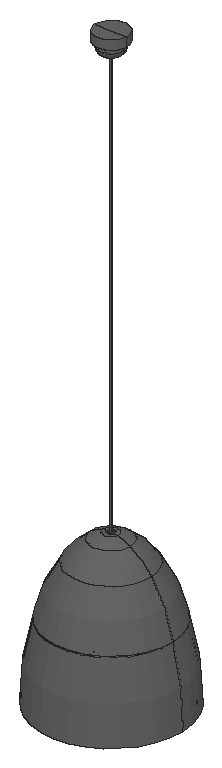
Revit family "OSGG(24,30,36) LED", category Lighting Fixtures, Revit 2020
Family settings
  Round Connector Dimension = Use Diameter
  Part Type = Normal
  OmniClass Number = 23.80.70.00
  OmniClass Title = Lighting
  Work Plane-Based = No
  Always vertical = Yes
  Cut with Voids When Loaded = No
  Light Source = Yes
  Shared = No
  Room Calculation Point = No
Parameters (values of type "OSGG 24")
  Weight = "21.5 lbs"
  Wattage Comments = "24W"
  Wattage = 2.4 W
  Warranty = "5 year limited warranty"  # constant formula
  built-in parameter 1150110 = 1 (stored number, unit not read)
  Voltage = 277 V
  URL = "https://www.anplighting.com/assets/Uploads/product-attachments/specification-sheets/ANP-Specification-Sheet-RLM-LED-OSGG24.pdf"
  built-in parameter 1114217 = 1 (stored number, unit not read)
  Tilt Angle = 90.00°
  built-in parameter 1150109 = 1 (stored number, unit not read)
  built-in parameter 1150134 = 12
  built-in parameter 1150113 = 1 (stored number, unit not read)
  OSGG36 = no
  OSGG30 = no
  OSGG24 = yes
  Mounting Option [instance] = 1
  Power Factor = 1
  Post Mount [instance] = Mounting Option = 5  # no
  Placement X axis side [instance] = if(Post Mount, 2' 2 15/32", if(Cord or Stem Mount, 0' 0", if(E36 20 inch, 1' 8 1/4", if(E 6 26 inch, 2' 2", if(E7 41 inch, 3' 5 1/4", 0' 1")))))  # 0' - 0"
  Photometric Web File = "OSGG36M037LDDW35K.ies"
  Model = "OSGG 24"
  Manufacturer = "ANP Lighting"  # constant formula
  built-in parameter 1150105 = 238.73 (stored number, unit not read)
  Lumens = 3000 lm
  built-in parameter 1150115 = 1 (stored number, unit not read)
  Load Classification = Lighting
  Light Source Height [instance] = if(OSGG24, 1' 3", if(OSGG30, 1' 9", if(OSGG36, 1' 10", 1' 3")))  # 1' - 3"
  built-in parameter 1150137 = (empty or 0)
  built-in parameter 1150139 = (empty or 0)
  Light Elevation _2 [instance] = if(Post Mount, 0' 0.66142", if(E7 41 inch, 0' 0.66142", if(E36 20 inch, 0' 1.65748", if(E 6 26 inch, 0' 1.53543", if(Cord or Stem Mount, (0' 4.3622" + Cord Length), 0' 0")))))  # 6' - 4.3622"
  Light Elevation _1 [instance] = if(Post Mount, 0' 0", if(E7 41 inch, 0' 0", if(E36 20 inch, 0' 1", if(E 6 26 inch, 0' 0.87402", if(Cord or Stem Mount, (0' 3.66142" + Cord Length), 0' 0")))))  # 6' - 3.66142"
  Light Elevation [instance] = if(Post Mount, 14' 0.5315", if(E7 41 inch, 0' 0", 0' 0"))  # 0' - 0"
  Life = "L70 50,000 hours"  # constant formula
  built-in parameter 1150112 = 1 (stored number, unit not read)
  built-in parameter 1150114 = 1 (stored number, unit not read)
  Lamp = "LED"
  Inside body material = INSIDE BODY
  built-in parameter 1150132 = 2
  built-in parameter 1150102 = (empty or 0)
  built-in parameter 1150107 = 4000 (stored number, unit not read)
  built-in parameter 1150138 = (empty or 0)
  built-in parameter 1150106 = 2.3873 (stored number, unit not read)
  Fixture Height = 2' - 2"
  Fixture Diameter = 2' - 0"
  Efficiency = "65-125 lumens per watt"  # constant formula
  built-in parameter 1150104 = 116.13 (stored number, unit not read)
  E7 41 inch [instance] = Mounting Option = 4  # no
  E36 20 inch [instance] = Mounting Option = 3  # no
  E 6 26 inch [instance] = Mounting Option = 2  # no
  Dimming Lamp Color Temperature Shift = <None>
  Dimming = "1%"  # constant formula
  Description = "120-277 Voltage"  # constant formula
  Default Elevation = 0' - 0"
  Cord or Stem Mount [instance] = Mounting Option = 1  # yes
  Cord Length option [instance] = 0
  Cord Length [instance] = if([2' Cord], 2' 0", if([4' Cord], 4' 0", if([8' Cord], 8' 0", if([10' Cord], 10' 0", if([6' Cord], 6' 0", 6' 0")))))  # 6' - 0"
  Construction Material = "Heavy Duty spun aluminum."  # constant formula
  Color Filter = 16777215
  CRI = ">90"  # constant formula
  Bulb = Bulb
  Body Material = body
  Body Colour = "Spun aluminium"  # constant formula
  built-in parameter 1114218 = 1 (stored number, unit not read)
  built-in parameter 1150133 = 10 (stored number, unit not read)
  Apparent Load = 24 VA
  8' Cord [instance] = Cord Length option = 8  # no
  6' Cord [instance] = Cord Length option = 6  # no
  4' Cord [instance] = Cord Length option = 4  # no
  2' Cord [instance] = Cord Length option = 2  # no
  10' Cord [instance] = Cord Length option = 10  # no
Types (4): name | Weight | Wattage Comments | Wattage | URL | built-in parameter 1150134 | OSGG36 | OSGG30 | OSGG24 | Model | built-in parameter 1150105 | Lumens | Light Source Height | built-in parameter 1150107 | built-in parameter 1150106 | Fixture Height | Fixture Diameter | Apparent Load
  (no name) | "21.5 lbs" | "24W" | 2.4 W | "https://www.anplighting.com/assets/Uploads/product-attachments/specification-sheets/ANP-Specification-Sheet-RLM-LED-OSGG24.pdf" | 12 | no | no | yes | "OSGG 24" | 238.73 (stored number, unit not read) | 3000 lm | 1' - 3" | 4000 (stored number, unit not read) | 2.3873 (stored number, unit not read) | 2' - 2" | 2' - 0" | 24 VA
  OSGG 24 | "21.5 lbs" | "24W" | 2.4 W | "https://www.anplighting.com/assets/Uploads/product-attachments/specification-sheets/ANP-Specification-Sheet-RLM-LED-OSGG24.pdf" | 12 | no | no | yes | "OSGG 24" | 238.73 (stored number, unit not read) | 3000 lm | 1' - 3" | 4000 (stored number, unit not read) | 2.3873 (stored number, unit not read) | 2' - 2" | 2' - 0" | 24 VA
  OSGG 30 | "33 lbs" | "24W" | 2.4 W | "https://www.anplighting.com/assets/Uploads/product-attachments/specification-sheets/ANP-Specification-Sheet-RLM-LED-OSGG30.pdf" | 12 | no | yes | no | "OSGG 30" | 238.73 (stored number, unit not read) | 3000 lm | 1' - 9" | 4000 (stored number, unit not read) | 2.3873 (stored number, unit not read) | 3' - 0" | 2' - 6" | 24 VA
  OSGG 36 | "43.5 lbs" | "37W" | 3.2 W | "https://www.anplighting.com/assets/Uploads/product-attachments/specification-sheets/ANP-Specification-Sheet-RLM-LED-OSGG36.pdf" | (empty or 0) | yes | no | no | "OSGG 36" | 318.31 (stored number, unit not read) | 4000 lm | 1' - 10" | 3500 (stored number, unit not read) | 3.1831 (stored number, unit not read) | 3' - 4" | 3' - 0" | 37 VA
Reference planes (in)
  plane 1 "Light Source Axis (F/B)": y = 0
  plane 2: z = 0
  plane 3 "Light Source Axis (L/R)": x = 0
  plane 4 "Light Source Elevation": z = 0
  plane 5: z = 0
  plane 6: x = 0
  plane 7 "Bulb Position": z = -76.3622
  plane 8 "Canopy Position": z = -75.66142
  plane 9 "IES": z = -91.3622
Dimensions and locks (in)
  "Light Elevation": plane 5 to plane 2
  "Placement X axis side": plane 6 to plane 3 "Light Source Axis (L/R)"
  "Light Elevation _2": plane 5 to plane 7 "Bulb Position"
  "Light Elevation _1": plane 5 to plane 8 "Canopy Position"
  "Light Source Height": plane 7 "Bulb Position" to plane 9 "IES"
  locked: plane 4 "Light Source Elevation" to plane 2
  aligned and locked: level to plane 2
  aligned and locked: plane 1 "Light Source Axis (F/B)" to nested 5
  aligned and locked: nested 5 to plane 2
  aligned and locked: nested 1 to plane 3 "Light Source Axis (L/R)"
  aligned and locked: plane 3 "Light Source Axis (L/R)" to nested 2
  aligned and locked: plane 3 "Light Source Axis (L/R)" to nested 4
  aligned and locked: nested 3 to plane 5
  aligned and locked: plane 3 "Light Source Axis (L/R)" to nested 3
  aligned and locked: plane 3 "Light Source Axis (L/R)" to nested 5
  aligned and locked: plane 1 "Light Source Axis (F/B)" to nested 2
  aligned and locked: plane 1 "Light Source Axis (F/B)" to nested 1
  aligned and locked: plane 1 "Light Source Axis (F/B)" to nested 4
  aligned and locked: plane 1 "Light Source Axis (F/B)" to nested 3
  aligned and locked: plane 1 "Light Source Axis (F/B)" to nested 6
  aligned and locked: plane 6 to nested 6
  aligned and locked: plane 2 to nested 1
  aligned and locked: plane 2 to nested 2
  aligned and locked: nested 4 to plane 2
  aligned and locked: imposter light to plane 9 "IES"
  aligned and locked: imposter light to plane 6
  aligned and locked: nested 6 to plane 8 "Canopy Position"
  aligned and locked: nested 7 to plane 8 "Canopy Position"
  aligned and locked: nested 7 to plane 6
  aligned and locked: nested 8 to plane 8 "Canopy Position"
  aligned and locked: nested 8 to plane 6
Nested families (in)
  nested 1: "CORD OR STEM MOUNT" at (0, 0, -75.67), visible <- "Cord or Stem Mount", Cord or Stem Mount <- "Cord or Stem Mount", Body Material <- "Body Material", Light Elevation <- "Light Elevation", Cord Length <- "Cord Length", 10' Cord <- "10' Cord", 2' Cord <- "2' Cord", 4' Cord <- "4' Cord", 6' Cord <- "6' Cord", 8' Cord <- "8' Cord", type "CORD OR STEM MOUNT"
    with Light Elevation 0' - 0", Cord or Stem Mount yes, Cord Length 6' - 0", Body Material body, 8' Cord no, 6' Cord no, 4' Cord no, 2' Cord no, 10' Cord no
  nested 2: "E6 26 INCH" at (0, 0, 0), visible <- "E 6 26 inch", Chain Length <- "Cord Length", E 6 26 inch <- "E 6 26 inch", Placement X axis side <- "Placement X axis side", Body Material <- "Body Material", Light Elevation <- "Light Elevation", type "E6 26 INCH"
    with Placement X axis side 0' - 0", Light Elevation 0' - 0", E 6 26 inch no, Chain Length 6' - 0", Body Material body
  nested 3: "E7 41 INCH" at (0, 0, 0), Chain Length <- "Cord Length", visible <- "E7 41 inch", E7 41 inch <- "E7 41 inch", Placement X axis side <- "Placement X axis side", Body Material <- "Body Material", Light Elevation <- "Light Elevation", type "E7 41 INCH"
    with Placement X axis side 0' - 0", Light Elevation 0' - 0", E7 41 inch no, Chain Length 6' - 0", Body Material body
  nested 4: "E36 20 INCH" at (0, 0, 0), visible <- "E36 20 inch", E36 20 inch <- "E36 20 inch", Placement X axis side <- "Placement X axis side", Chain Length <- "Cord Length", Body Material <- "Body Material", Light Elevation <- "Light Elevation", type "E36 20 INCH"
    with Placement X axis side 0' - 0", Light Elevation 0' - 0", E36 20 inch no, Chain Length 6' - 0", Body Material body
  nested 5: "POST MOUNT" at (0, 0, 0), visible <- "Post Mount", Post Mount <- "Post Mount", Placement X axis side <- "Placement X axis side", Chain Length <- "Cord Length", Body Material <- "Body Material", Light Elevation <- "Light Elevation", type "POST MOUNT"
    with Post Mount no, Placement X axis side 0' - 0", Light Elevation 0' - 0", Chain Length 6' - 0", Body Material body
  nested 6: "OSGG 24 LED" at (0, 0, -75.66142), Light Elevation <- "Light Elevation", Body <- "Body Material", visible <- "OSGG24", OSGG24 <- "OSGG24", Inside <- "Inside body material", type "OSGG 24 LED"
    with OSGG24 yes, Light Elevation 0' - 0", Inside INSIDE BODY, Body body
  nested 7: "OSGG 30 LED" at (0, 0, -75.66142), Light Elevation <- "Light Elevation", Body <- "Body Material", visible <- "OSGG30", Bulb <- "Bulb", OSGG30 <- "OSGG30", Inside Material <- "Inside body material", type "OSGG 30 LED"
    with OSGG30 no, Light Elevation 0' - 0", Inside Material INSIDE BODY, Bulb Bulb, Body body
  nested 8: "OSGG 36 LED" at (0, 0, -75.66142), Light Elevation <- "Light Elevation", Body <- "Body Material", visible <- "OSGG36", type "OSGG 36 LED"
    with Light Elevation 0' - 0", Body body, OSGG36 no
Definition of nested family "CORD OR STEM MOUNT"
  Parameters (values of type "CORD OR STEM MOUNT")
    URL = ""
    Model = ""
    Manufacturer = ""
    Light Elevation [instance] = 1' - 7.69"
    Default Elevation = 0' - 0"
    Cord or Stem Mount [instance] = yes
    Cord Length [instance] = 6' - 0"
    Body Material [instance] = none
    8' Cord [instance] = no
    6' Cord [instance] = no
    4' Cord [instance] = no
    2' Cord [instance] = no
    10' Cord [instance] = no
  Reference planes (in)
    plane 1 "Light Source Axis (F/B)": y = 0
    plane 2: z = 0
    plane 3 "Light Source Axis (L/R)": x = 0
    plane 4 "Light Source Elevation": z = 23.125
    plane 5: z = 91.69
    plane 6: z = 19.69
  Forms (in)
    Extrusion 1, void, not visible
      sketch origin (0, 0, 2.38154) x (1, 0, 0) y (0, 0, 1)
        loop
          circle (0, 4.59925) r 0.16583
      from 1.18594 to 1.75
    Extrusion 2, void, not visible
      sketch origin (0, 0, 2.38154) x (0.707107, -0.707107, 0) y (0, 0, 1)
        loop
          circle (0, 4.59925) r 0.16583
      from 1.18594 to 1.75
    Extrusion 3, void, not visible
      sketch origin (0, 0, 2.38154) x (0.707107, 0.707107, 0) y (0, 0, 1)
        loop
          circle (0, 4.59925) r 0.16583
      from 1.18594 to 1.75
    Extrusion 4, void, not visible
      sketch origin (0, 0, 2.38154) x (0, 1, 0) y (0, 0, 1)
        loop
          circle (0, 4.59925) r 0.16583
      from 1.18594 to 1.75
    Extrusion 5, void, not visible
      sketch origin (0, 0, 2.38154) x (-0.707107, 0.707107, 0) y (0, 0, 1)
        loop
          circle (0, 4.59925) r 0.16583
      from 1.18594 to 1.75
    Extrusion 6, void, not visible
      sketch origin (0, 0, 2.38154) x (-1, 0, 0) y (0, 0, 1)
        loop
          circle (0, 4.59925) r 0.20678
      from 1.18594 to 1.75
    Extrusion 7, void, not visible
      sketch origin (0, 0, 2.38154) x (-0.707107, -0.707107, 0) y (0, 0, 1)
        loop
          circle (0, 4.59925) r 0.16583
      from 1.18594 to 1.75
    Extrusion 8, void, not visible
      sketch origin (0, 0, 2.38154) x (0, -1, 0) y (0, 0, 1)
        loop
          circle (0, 4.59925) r 0.16583
      from 1.18594 to 1.75
    Revolve 9, solid, material <- "Body Material", visible <- "Cord or Stem Mount"
      sketch origin (0, 0, 174.56698) x (1, 0, 0) y (0, 0, 1)
        loop
          line (2.6875, -79.20698) -> (0, -79.20698) -> (0, -82.87698) -> (0.125, -82.87698) -> (0.125, -82.83698) -> (0.75, -82.83698)
          arc (0.75, -82.83698) -> (0.81694, -82.77004) -> (0.75, -82.7031) r 0.06694
          line (0.75, -82.7031) -> (0.89763, -82.7031) -> (1.00223, -82.5985) -> (1.06587, -82.5985)
          arc (1.06587, -82.5985) -> (1.80099, -82.29401) -> (2.10549, -81.55888) r 1.03962
          line (2.10549, -81.55888) -> (2.10549, -81.03899)
          arc (2.10549, -81.03899) -> (2.12951, -80.981) -> (2.1875, -80.95698) r 0.08201
          line (2.1875, -80.95698) -> (2.1875, -80.70698) -> (2.6875, -80.70698) -> (2.6875, -79.20698)
        axis (0, -79.20698) -> (0, -82.87698)
      angle from 0 to 360
    Revolve 10, solid, material <- "Body Material", visible <- "Cord or Stem Mount"
      sketch origin (0, 0, 0) x (1, 0, 0) y (0, 0, 1)
        loop
          line (0, 91.69) -> (-0.125, 91.69) -> (-0.125, 19.69) -> (0, 19.69) -> (0, 91.69)
        axis (0, 19.69) -> (0, 91.69)
      angle from 0 to 360
  Dimensions and locks (in)
    "Light Elevation": plane 6 to plane 2
    "Cord Length": plane 5 to plane 6
    locked: Revolve 10 sketch curve to Revolve 10 sketch curve at 0.125
    aligned and locked: level to plane 2
    aligned and locked: Revolve 10 sketch curve to plane 3 "Light Source Axis (L/R)"
    aligned and locked: Revolve 10 sketch curve to plane 6
    aligned and locked: Revolve 10 sketch curve to plane 5
    aligned and locked: plane 3 "Light Source Axis (L/R)" to Revolve 10 sketch curve
  Automatic sketch dimensions
    Revolve 9 sketch curve to plane 3 "Light Source Axis (L/R)" = 0' - 0"  (x2)
    Revolve 9 sketch curve to plane 5 = 0' - 0"
    plane 3 "Light Source Axis (L/R)" to Revolve 9 sketch curve = 0' - 0 1/8"
    Revolve 9 sketch curve to plane 5 = 0' - 0.17388"
    Revolve 9 sketch curve to Revolve 9 sketch curve = 0' - 0 5/8"
    Revolve 9 sketch curve to Revolve 9 sketch curve = 0' - 0.14763"
    Revolve 9 sketch curve to plane 5 = 0' - 0.27847"
    Revolve 9 sketch curve to Revolve 9 sketch curve = 0' - 0.1046"
    Revolve 9 sketch curve to Revolve 9 sketch curve = 0' - 0.06364"
    Revolve 9 sketch curve to Revolve 9 sketch curve = 0' - 1.03962"
    Revolve 9 sketch curve to Revolve 9 sketch curve = 0' - 0 21/256"
    Revolve 9 sketch curve to Revolve 9 sketch curve = 0' - 0 1/2"  (x2)
    Revolve 9 sketch curve to Revolve 9 sketch curve = 0' - 0.51989"
    Revolve 9 sketch curve to Revolve 9 sketch curve = 0' - 0 1/4"
    Revolve 9 sketch curve to Revolve 9 sketch curve = 0' - 2.3519"
    Revolve 9 sketch curve to Revolve 9 sketch curve = 0' - 1 1/4"
    Revolve 9 sketch curve to Revolve 9 sketch curve = 0' - 0.04"
    Revolve 10 sketch curve to Revolve 10 sketch curve = 0' - 0 1/2"
    Revolve 10 sketch curve to Revolve 10 sketch curve = 0' - 0.42345"
Definition of nested family "OSGG 24 LED"
  Parameters (values of type "OSGG 24 LED")
    OSGG24 [instance] = yes
    Light Elevation [instance] = 0' - 0"
    Inside [instance] = none
    Default Elevation = 0' - 0"
    Bulb = none
    Body [instance] = none
  Reference planes (in)
    plane 1 "Center (Front/Back)": y = 0
    plane 2: z = 0
    plane 3 "Center (Left/Right)": x = 0
    plane 4: z = 0
  Dimensions and locks (in)
    "Light Elevation": plane 4 to plane 2
    locked: plane 4 to nested 2 at 12.90668
    aligned and locked: plane 2 to level
    aligned and locked: plane 3 "Center (Left/Right)" to nested 1
    aligned and locked: plane 1 "Center (Front/Back)" to nested 1
    aligned and locked: plane 4 to nested 1
  Nested families (in)
    nested 1: "Family6" at (0, 0, -25.84727), visible <- "OSGG24", Body <- "Body", OSGG24 <- "OSGG24", type "Family6"
      with OSGG24 yes, Body none
    nested 2: "Bulb" at (0, 0, -10.88103), visible <- "OSGG24", type "Bulb"
  Definition of nested family "Family6"
    Parameters (values of type "Family6")
      OSGG24 [instance] = yes
      Inside = none
      Default Elevation = 0' - 0"
      Body [instance] = none
    Reference planes (in)
      plane 1 "Center (Front/Back)": y = 0
      plane 2: z = 0
      plane 3 "Center (Left/Right)": x = 0
    Forms (in)
      Revolve 1, solid, material <- "Body", visible <- "OSGG24"
        sketch origin (0, 0, 0) x (1, 0, 0) y (0, 0, 1)
          loop
            arc (6.76836, 21.48215) -> (5.23025, 23.35827) -> (3.35412, 24.89638) r 12.31222
            arc (3.35412, 24.89638) -> (2.37066, 25.44931) -> (1.31493, 25.84727) r 7.44433
            line (1.31493, 25.84727) -> (0.65747, 25.84727) -> (0.65747, 25.75352) -> (1.30145, 25.75352)
            arc (1.30145, 25.75352) -> (2.33711, 25.36152) -> (3.30212, 24.81838) r 7.35058
            arc (3.30212, 24.81838) -> (5.16396, 23.29198) -> (6.69036, 21.43014) r 12.21847
            arc (6.69036, 21.43014) -> (8.86909, 17.35698) -> (10.22296, 12.94059) r 23.88272
            line (10.22296, 12.94059) -> (10.31862, 12.94059)
            arc (10.31862, 12.94059) -> (8.95931, 17.3842) -> (6.76836, 21.48215) r 23.97647
          axis (0, 25.84727) -> (0, 12.94059)
        angle from 0 to 360
      Revolve 2, solid, material <- "Body", visible <- "OSGG24"
        sketch origin (0, 0, 0) x (1, 0, 0) y (0, 0, 1)
          loop
            arc (10.36202, 12.81253) -> (10.30887, 12.89675) -> (10.21854, 12.93867) r 0.1761
            arc (10.21854, 12.93867) -> (10.16457, 12.96453) -> (10.13454, 13.01628) r 0.10157
            line (10.13454, 13.01628) -> (10.04477, 13.40508) -> (9.95343, 13.38399) -> (10.04319, 12.99519)
            arc (10.04319, 12.99519) -> (10.10096, 12.89567) -> (10.20473, 12.84594) r 0.19532
            arc (10.20473, 12.84594) -> (10.24697, 12.82634) -> (10.27182, 12.78696) r 0.08235
            arc (10.27182, 12.78696) -> (11.56674, 6.45454) -> (11.90623, 0) r 43.37224
            line (11.90623, 0) -> (12, 0)
            arc (12, 0) -> (11.6596, 6.46745) -> (10.36202, 12.81253) r 43.46599
          axis (0, 13.40508) -> (0, 0)
        angle from 0 to 360
      Revolve 3, solid, material <- "Body"
        sketch origin (0, 0, 0) x (1, 0, 0) y (0, 0, 1)
          loop
            line (0, 13.38399) -> (-9.95343, 13.38399) -> (-10.06374, 12.94059) -> (0, 12.94059) -> (0, 13.38399)
          axis (0, 12.94059) -> (0, 13.38399)
        angle from 0 to 360
      Revolve 4, solid, material <- "Inside", visible <- "OSGG24"
        sketch origin (0.09344, 0, 0) x (1, 0, 0) y (0, 0, 1)
          loop
            arc (10.09639, 12.81253) -> (10.04325, 12.89675) -> (9.95291, 12.93867) r 0.1761
            arc (9.95291, 12.93867) -> (9.89895, 12.96453) -> (9.86891, 13.01628) r 0.10157
            line (9.86891, 13.01628) -> (9.78271, 13.38967) -> (9.7507, 13.38228) -> (9.84006, 12.99519)
            arc (9.84006, 12.99519) -> (9.89783, 12.89567) -> (10.00161, 12.84594) r 0.19532
            arc (10.00161, 12.84594) -> (10.04385, 12.82634) -> (10.0687, 12.78696) r 0.08235
            arc (10.0687, 12.78696) -> (11.36362, 6.45454) -> (11.7031, 0) r 43.37224
            line (11.7031, 0) -> (11.73438, 0)
            arc (11.73438, 0) -> (11.39398, 6.46745) -> (10.09639, 12.81253) r 43.46599
          axis (-0.09344, 13.38967) -> (-0.09344, 0)
        angle from 0 to 360
    Dimensions and locks (in)
      aligned and locked: plane 2 to level
  Definition of nested family "Bulb"
    Parameters
      Default Elevation = 0' - 0"
      BULB = none
    Reference planes (in)
      plane 1 "Center (Front/Back)": y = 0
      plane 2: z = 0
      plane 3 "Center (Left/Right)": x = 0
    Forms (in)
      Revolve 1, solid, material <- "BULB"
        sketch origin (0.00446, 0, 0.00567) x (1, 0, 0) y (0, 0, 1)
          loop
            arc (-1.22244, -3.28132) -> (-0.86108, -4.13031) -> (0, -4.46182) r 1.18347
            line (0, -4.46182) -> (0, -3.28132) -> (-1.22244, -3.28132)
          axis (0, -4.46182) -> (0, -3.28132)
        angle from 0 to 360
      Revolve 2, solid, material <- "BULB"
        sketch origin (0, 0, 0) x (1, 0, 0) y (0, 0, 1)
          loop
            line (0.00225, -3.02565) -> (0.00225, -3.27565) -> (1.76788, -3.27565) -> (1.76788, -3.02565) -> (0.00225, -3.02565)
          axis (0.00225, -3.02565) -> (0.00225, -3.27565)
        angle from 0 to 360
      Revolve 3, solid, material <- "BULB"
        sketch origin (0, 0, 0) x (1, 0, 0) y (0, 0, 1)
          loop
            line (1.3513, -2.02565) -> (0, -2.02565) -> (0, -3.02565) -> (1.47103, -3.02565) -> (1.39254, -2.98286) -> (1.39254, -2.056) -> (1.3513, -2.02565)
          axis (0, -3.02565) -> (0, -2.02565)
        angle from 0 to 360
    Dimensions and locks (in)
      aligned and locked: plane 2 to level
Definition of nested family "E6 26 INCH"
  Parameters (values of type "E6 26 INCH")
    URL = ""
    Placement X axis side [instance] = 2' - 2"
    Model = ""
    Manufacturer = ""
    Light Elevation [instance] = 8' - 4"
    E 6 26 inch [instance] = yes
    Default Elevation = 0' - 0"
    Chain Length [instance] = 0' - 0"
    Body Material [instance] = none
  Reference planes (in)
    plane 1 "Light Source Axis (F/B)": y = 0
    plane 2: z = 0
    plane 3 "Light Source Axis (L/R)": x = 0
    plane 4 "Light Source Elevation": z = 23.125
    plane 5: z = 100
    plane 6: x = -26
    plane 7: z = 99.125
    plane 8: x = -24.12
    plane 9: x = -25.5474
  Forms (in)
    Extrusion 1, void, not visible
      sketch origin (0, 0, 2.38154) x (1, 0, 0) y (0, 0, 1)
        loop
          circle (0, 4.59925) r 0.16583
      from 1.18594 to 1.75
    Extrusion 2, void, not visible
      sketch origin (0, 0, 2.38154) x (0.707107, -0.707107, 0) y (0, 0, 1)
        loop
          circle (0, 4.59925) r 0.16583
      from 1.18594 to 1.75
    Extrusion 3, void, not visible
      sketch origin (0, 0, 2.38154) x (0.707107, 0.707107, 0) y (0, 0, 1)
        loop
          circle (0, 4.59925) r 0.16583
      from 1.18594 to 1.75
    Extrusion 4, void, not visible
      sketch origin (0, 0, 2.38154) x (0, 1, 0) y (0, 0, 1)
        loop
          circle (0, 4.59925) r 0.16583
      from 1.18594 to 1.75
    Extrusion 5, void, not visible
      sketch origin (0, 0, 2.38154) x (-0.707107, 0.707107, 0) y (0, 0, 1)
        loop
          circle (0, 4.59925) r 0.16583
      from 1.18594 to 1.75
    Extrusion 6, void, not visible
      sketch origin (0, 0, 2.38154) x (-1, 0, 0) y (0, 0, 1)
        loop
          circle (0, 4.59925) r 0.20678
      from 1.18594 to 1.75
    Extrusion 7, void, not visible
      sketch origin (0, 0, 2.38154) x (-0.707107, -0.707107, 0) y (0, 0, 1)
        loop
          circle (0, 4.59925) r 0.16583
      from 1.18594 to 1.75
    Extrusion 8, void, not visible
      sketch origin (0, 0, 2.38154) x (0, -1, 0) y (0, 0, 1)
        loop
          circle (0, 4.59925) r 0.16583
      from 1.18594 to 1.75
    Sweep 9, solid, material <- "Body Material", visible <- "E 6 26 inch"
      path origin (-41.25, 0, 168.51693) x (1, 0, 0) y (0, 0, 1)
        loop
          line (17.13, -68.51693) -> (27.68551, -68.51693)
          arc (27.68551, -68.51693) -> (28.47996, -68.34486) -> (29.13202, -67.8595) r 1.92004
          line (29.13202, -67.8595) -> (34.23651, -62.01155)
          arc (34.23651, -62.01155) -> (38.65464, -60.89667) -> (41.25, -64.64193) r 4
          line (41.25, -64.64193) -> (41.25, -69.39193)
      profile origin (-18.84224, 0, 100) x (0, 0, 1) y (0, -1, 0)
        loop
          circle (0, 0) r 0.5
    Revolve 10, solid, material <- "Body Material", visible <- "E 6 26 inch"
      sketch origin (-26, 0, 168.51693) x (1, 0, 0) y (0, 0, 1)
        loop
          line (0, -66.07943) -> (0, -68.51693) -> (1.88, -68.51693) -> (1.88, -67.69272) -> (0.4526, -67.69272) -> (0.4526, -66.54122) -> (0.33125, -66.54122) -> (0.33125, -66.07943) -> (0, -66.07943)
        axis (0, -68.51693) -> (1.88, -68.51693)
      angle from 0 to 360
    Extrusion 11, solid, material <- "Body Material", visible <- "E 6 26 inch"
      sketch origin (-26, 0, 168.51693) x (0, -1, 0) y (0, 0, -1)
        loop
          line (0.25, 68.51693) -> (0.25, 69.51693) -> (-0.25, 69.51693) -> (-0.25, 68.51693) -> (0.25, 68.51693)
      from 0.4526 to 1.88
  Cuts and joins
    joined: Revolve 10, Extrusion 11
  Dimensions and locks (in)
    "Light Elevation": plane 5 to plane 2
    "Placement X axis side": plane 3 "Light Source Axis (L/R)" to plane 6
    locked: plane 5 to plane 7 at 0.875
    Revolve 10 sketch curve to Revolve 10 sketch curve to Revolve 10 sketch curve to plane 6 = 0' - 1.4274" locked, 0' - 0.12135" locked, 0' - 0.33125" locked
    Revolve 10 sketch curve to Revolve 10 sketch curve to Revolve 10 sketch curve to plane 5 = 0' - 0.46179" locked, 0' - 1.1515" locked, 0' - 0 211/256" locked
    locked: Sweep 9 sketch curve to plane 6 at 1.88
    locked: Sweep 9 sketch curve to Sweep 9 sketch curve at 10.55551
    locked: Sweep 9 sketch curve to Sweep 9 sketch curve at 13.56449
    locked: Sweep 9 sketch curve to Sweep 9 sketch curve at 4.75
    locked: plane 9 to plane 6 at 0.4526
    locked: plane 8 to plane 9 at 1.4274
    aligned and locked: level to plane 2
    aligned and locked: Revolve 10 sketch curve to plane 6
    aligned and locked: plane 5 to Revolve 10 sketch curve
    aligned and locked: Revolve 10 sketch curve to plane 5
    aligned and locked: cut or joined group of Revolve 10, Extrusion 11 to plane 9
    aligned and locked: plane 8 to cut or joined group of Revolve 10, Extrusion 11
  Automatic sketch dimensions
    Sweep 9 sketch curve to plane 5 = 0' - 0"
    Sweep 9 sketch curve to Sweep 9 sketch curve = 0' - 4"
    Sweep 9 sketch curve to Sweep 9 sketch curve = 0' - 3.01349"
    plane 5 to Sweep 9 sketch curve = 0' - 0.65743"
    Sweep 9 sketch curve to Sweep 9 sketch curve = 0' - 1.4465"
    Sweep 9 sketch curve to plane 5 = 0' - 0 7/8"
    profile plane to Sweep 9 sketch curve = 0' - 0"
    Sweep 9 sketch curve to profile plane = 0' - 0"
    plane 6 to Revolve 10 sketch curve = 0' - 0.62562"
    Revolve 10 sketch curve to Revolve 10 sketch curve = 0' - 0 1/2"
    Extrusion 11 sketch curve to plane 5 = 0' - 0"
    plane 1 "Light Source Axis (F/B)" to Extrusion 11 sketch curve = 0' - 0 1/4"
    Extrusion 11 sketch curve to plane 1 "Light Source Axis (F/B)" = 0' - 0 1/4"
    plane 5 to Extrusion 11 sketch curve = 0' - 1"
    radius of Sweep 9 sketch curve = 0' - 0 1/2"
Definition of nested family "E7 41 INCH"
  Parameters (values of type "E7 41 INCH")
    URL = ""
    Placement X axis side [instance] = 4' - 2"
    Model = ""
    Manufacturer = ""
    Light Elevation [instance] = 8' - 4"
    E7 41 inch [instance] = yes
    Default Elevation = 0' - 0"
    Chain Length [instance] = 0' - 0"
    Body Material [instance] = none
  Reference planes (in)
    plane 1 "Light Source Axis (F/B)": y = 0
    plane 2: z = 0
    plane 3 "Light Source Axis (L/R)": x = 0
    plane 4 "Light Source Elevation": z = 23.125
    plane 5: z = 100
    plane 6: x = -50
  Forms (in)
    Extrusion 1, void, not visible
      sketch origin (0, 0, 2.38154) x (1, 0, 0) y (0, 0, 1)
        loop
          circle (0, 4.59925) r 0.16583
      from 1.18594 to 1.75
    Extrusion 2, void, not visible
      sketch origin (0, 0, 2.38154) x (0.707107, -0.707107, 0) y (0, 0, 1)
        loop
          circle (0, 4.59925) r 0.16583
      from 1.18594 to 1.75
    Extrusion 3, void, not visible
      sketch origin (0, 0, 2.38154) x (0.707107, 0.707107, 0) y (0, 0, 1)
        loop
          circle (0, 4.59925) r 0.16583
      from 1.18594 to 1.75
    Extrusion 4, void, not visible
      sketch origin (0, 0, 2.38154) x (0, 1, 0) y (0, 0, 1)
        loop
          circle (0, 4.59925) r 0.16583
      from 1.18594 to 1.75
    Extrusion 5, void, not visible
      sketch origin (0, 0, 2.38154) x (-0.707107, 0.707107, 0) y (0, 0, 1)
        loop
          circle (0, 4.59925) r 0.16583
      from 1.18594 to 1.75
    Extrusion 6, void, not visible
      sketch origin (0, 0, 2.38154) x (-1, 0, 0) y (0, 0, 1)
        loop
          circle (0, 4.59925) r 0.20678
      from 1.18594 to 1.75
    Extrusion 7, void, not visible
      sketch origin (0, 0, 2.38154) x (-0.707107, -0.707107, 0) y (0, 0, 1)
        loop
          circle (0, 4.59925) r 0.16583
      from 1.18594 to 1.75
    Extrusion 8, void, not visible
      sketch origin (0, 0, 2.38154) x (0, -1, 0) y (0, 0, 1)
        loop
          circle (0, 4.59925) r 0.16583
      from 1.18594 to 1.75
    Revolve 9, solid, material <- "Body Material", visible <- "E7 41 inch"
      sketch origin (-41.25, 0, 168.39193) x (1, 0, 0) y (0, 0, 1)
        loop
          line (-8.75, -66.20443) -> (-8.75, -68.51693) -> (-6.87, -68.51693) -> (-6.87, -67.69272) -> (-8.2974, -67.69272) -> (-8.2974, -66.54122) -> (-8.41875, -66.54122) -> (-8.41875, -66.20443) -> (-8.75, -66.20443)
        axis (-8.75, -68.51693) -> (-6.87, -68.51693)
      angle from 0 to 360
    Extrusion 10, solid, material <- "Body Material", visible <- "E7 41 inch"
      sketch origin (-41.25, 0, 168.39193) x (0, -1, 0) y (0, 0, -1)
        loop
          line (0.25, 68.51693) -> (0.25, 69.51693) -> (-0.25, 69.51693) -> (-0.25, 68.51693) -> (0.25, 68.51693)
      from -8.2974 to -6.87
    Sweep 11, solid, material <- "Body Material", visible <- "E7 41 inch"
      path origin (-41.25, 0, 168.39193) x (1, 0, 0) y (0, 0, 1)
        loop
          line (-6.87, -68.51693) -> (16.04011, -68.51693)
          arc (16.04011, -68.51693) -> (17.864, -68.13651) -> (19.38375, -67.0587) r 4.5625
          line (19.38375, -67.0587) -> (24.70217, -61.33018)
          arc (24.70217, -61.33018) -> (29.64465, -60.20324) -> (32.5, -64.39193) r 4.5
          line (32.5, -64.39193) -> (32.5, -68.39193)
      profile origin (-36.66494, 0, 99.875) x (0, 0, 1) y (0, -1, 0)
        loop
          circle (0, 0) r 0.5
  Dimensions and locks (in)
    "Placement X axis side": plane 3 "Light Source Axis (L/R)" to plane 6
    "Light Elevation": plane 5 to plane 2
    locked: Revolve 9 sketch curve to Revolve 9 sketch curve at 0.33125
    locked: Revolve 9 sketch curve to Revolve 9 sketch curve at 0.4526
    locked: Revolve 9 sketch curve to Revolve 9 sketch curve at 1.88
    locked: Revolve 9 sketch curve to Revolve 9 sketch curve at 0.82421
    locked: Revolve 9 sketch curve to Revolve 9 sketch curve at 1.1515
    locked: Revolve 9 sketch curve to Revolve 9 sketch curve at 0.33679
    locked: plane 5 to Revolve 9 sketch curve at 0.125
    locked: Extrusion 10 sketch curve to Extrusion 10 sketch curve at 0.5
    locked: Extrusion 10 sketch curve to Extrusion 10 sketch curve at 1
    locked: plane 5 to Extrusion 10 sketch curve at 0.125
    locked: plane 5 to Sweep 11 sketch curve at 0.125
    locked: Sweep 11 sketch curve to Sweep 11 sketch curve at 39.37
    locked: Sweep 11 sketch curve to Sweep 11 sketch curve at 4
    locked: plane 6 to Extrusion 10 at 0.4526
    locked: Sweep 11 sketch curve to plane 6 at 1.88
    locked: Extrusion 10 to Extrusion 10 at 1.4274
    aligned and locked: plane 2 to level
    aligned and locked: Revolve 9 sketch curve to plane 6
  Automatic sketch dimensions
    Revolve 9 sketch curve to plane 5 = 0' - 0 1/8"
    plane 6 to Revolve 9 sketch curve = 0' - 0.62562"
    Revolve 9 sketch curve to Revolve 9 sketch curve = 0' - 0 1/2"
    plane 1 "Light Source Axis (F/B)" to Extrusion 10 sketch curve = 0' - 0 1/4"
    Sweep 11 sketch curve to plane 5 = 0' - 0"
    Sweep 11 sketch curve to Sweep 11 sketch curve = 0' - 4 1/2"
    Sweep 11 sketch curve to Sweep 11 sketch curve = 0' - 3.29783"
    plane 5 to Sweep 11 sketch curve = 0' - 1.33323"
    Sweep 11 sketch curve to Sweep 11 sketch curve = 0' - 5.31842"
    Sweep 11 sketch curve to Sweep 11 sketch curve = 0' - 3.34364"
    profile plane to Sweep 11 sketch curve = 0' - 0"
    Sweep 11 sketch curve to profile plane = 0' - 0"
    radius of Sweep 11 sketch curve = 0' - 0 1/2"
Definition of nested family "E36 20 INCH"
  Parameters (values of type "E36 20 INCH")
    URL = ""
    Placement X axis side [instance] = 1' - 8 1/4"
    Model = ""
    Manufacturer = ""
    Light Elevation [instance] = 8' - 4"
    E36 20 inch [instance] = yes
    Default Elevation = 0' - 0"
    Chain Length [instance] = 0' - 0"
    Body Material [instance] = none
  Reference planes (in)
    plane 1 "Light Source Axis (F/B)": y = 0
    plane 2: z = 0
    plane 3 "Light Source Axis (L/R)": x = 0
    plane 4 "Light Source Elevation": z = 23.125
    plane 5: z = 99
    plane 6: x = -20.25
    plane 7: z = 100
    plane 8: x = -18.37008
    plane 9: x = -19.79724
  Forms (in)
    Extrusion 1, void, not visible
      sketch origin (0, 0, 2.38154) x (1, 0, 0) y (0, 0, 1)
        loop
          circle (0, 4.59925) r 0.16583
      from 1.18594 to 1.75
    Extrusion 2, void, not visible
      sketch origin (0, 0, 2.38154) x (0.707107, -0.707107, 0) y (0, 0, 1)
        loop
          circle (0, 4.59925) r 0.16583
      from 1.18594 to 1.75
    Extrusion 3, void, not visible
      sketch origin (0, 0, 2.38154) x (0.707107, 0.707107, 0) y (0, 0, 1)
        loop
          circle (0, 4.59925) r 0.16583
      from 1.18594 to 1.75
    Extrusion 4, void, not visible
      sketch origin (0, 0, 2.38154) x (0, 1, 0) y (0, 0, 1)
        loop
          circle (0, 4.59925) r 0.16583
      from 1.18594 to 1.75
    Extrusion 5, void, not visible
      sketch origin (0, 0, 2.38154) x (-0.707107, 0.707107, 0) y (0, 0, 1)
        loop
          circle (0, 4.59925) r 0.16583
      from 1.18594 to 1.75
    Extrusion 6, void, not visible
      sketch origin (0, 0, 2.38154) x (-1, 0, 0) y (0, 0, 1)
        loop
          circle (0, 4.59925) r 0.20678
      from 1.18594 to 1.75
    Extrusion 7, void, not visible
      sketch origin (0, 0, 2.38154) x (-0.707107, -0.707107, 0) y (0, 0, 1)
        loop
          circle (0, 4.59925) r 0.16583
      from 1.18594 to 1.75
    Extrusion 8, void, not visible
      sketch origin (0, 0, 2.38154) x (0, -1, 0) y (0, 0, 1)
        loop
          circle (0, 4.59925) r 0.16583
      from 1.18594 to 1.75
    Sweep 9, solid, material <- "Body Material", visible <- "E36 20 inch"
      path origin (-41.25, 0, 169.51693) x (1, 0, 0) y (0, 0, 1)
        loop
          line (22.88, -69.51693) -> (28.93827, -69.51693)
          arc (28.93827, -69.51693) -> (29.97705, -69.28152) -> (30.81284, -68.62128) r 2.40953
          line (30.81284, -68.62128) -> (34.13807, -64.50378)
          arc (34.13807, -64.50378) -> (38.58272, -63.24548) -> (41.25, -67.01693) r 4
          line (41.25, -67.01693) -> (41.25, -70.51693)
      profile origin (-15.34086, 0, 100) x (0, 0, 1) y (0, -1, 0)
        loop
          circle (0, 0) r 0.5
    Revolve 10, solid, material <- "Body Material", visible <- "E36 20 inch"
      sketch origin (-20.25, 0, 169.51693) x (1, 0, 0) y (0, 0, 1)
        loop
          line (0, -67.20443) -> (0, -69.51693) -> (1.88, -69.51693) -> (1.88, -68.69272) -> (0.4526, -68.69272) -> (0.4526, -67.54122) -> (0.33125, -67.54122) -> (0.33125, -67.20443) -> (0, -67.20443)
        axis (0, -69.51693) -> (1.88, -69.51693)
      angle from 0 to 360
    Extrusion 11, solid, material <- "Body Material", visible <- "E36 20 inch"
      sketch origin (-20.25, 0, 169.51693) x (0, -1, 0) y (0, 0, -1)
        loop
          line (0.25, 69.51693) -> (0.25, 70.51693) -> (-0.25, 70.51693) -> (-0.25, 69.51693) -> (0.25, 69.51693)
      from 1.87992 to 0.45276
  Cuts and joins
    joined: Revolve 10, Extrusion 11
  Dimensions and locks (in)
    "Light Elevation": plane 7 to plane 2
    "Placement X axis side": plane 3 "Light Source Axis (L/R)" to plane 6
    locked: plane 7 to plane 5 at 1
    Revolve 10 sketch curve to Revolve 10 sketch curve to Revolve 10 sketch curve to plane 7 = 0' - 0.33679" locked, 0' - 1.1515" locked, 0' - 0 211/256" locked
    locked: Sweep 9 sketch curve to plane 6 at 1.88
    locked: Sweep 9 sketch curve to Sweep 9 sketch curve at 6.05827
    locked: Sweep 9 sketch curve to Sweep 9 sketch curve at 12.31173
    locked: Sweep 9 sketch curve to Sweep 9 sketch curve at 3.5
    Revolve 10 sketch curve to Revolve 10 sketch curve to Revolve 10 sketch curve to plane 6 = 0' - 1.4274" locked, 0' - 0.12135" locked, 0' - 0.33125" locked
    locked: plane 9 to plane 6 at 0.45276
    locked: plane 8 to plane 9 at 1.42717
    aligned and locked: level to plane 2
    aligned and locked: plane 7 to Revolve 10 sketch curve
    aligned and locked: Revolve 10 sketch curve to plane 7
    aligned and locked: Revolve 10 sketch curve to plane 6
    aligned and locked: cut or joined group of Revolve 10, Extrusion 11 to plane 9
    aligned and locked: plane 8 to cut or joined group of Revolve 10, Extrusion 11
  Automatic sketch dimensions
    Sweep 9 sketch curve to plane 7 = 0' - 0"
    Sweep 9 sketch curve to plane 5 = 0' - 0"
    Sweep 9 sketch curve to Sweep 9 sketch curve = 0' - 4"
    Sweep 9 sketch curve to plane 7 = 0' - 0.89565"
    Sweep 9 sketch curve to Sweep 9 sketch curve = 0' - 3.32523"
    Sweep 9 sketch curve to Sweep 9 sketch curve = 0' - 1.87457"
    profile plane to Sweep 9 sketch curve = 0' - 0"
    Sweep 9 sketch curve to profile plane = 0' - 0"
    plane 6 to Revolve 10 sketch curve = 0' - 0.62562"
    Revolve 10 sketch curve to Revolve 10 sketch curve = 0' - 0 1/2"
    plane 7 to Extrusion 11 sketch curve = 0' - 0"
    Extrusion 11 sketch curve to plane 5 = 0' - 0"
    plane 1 "Light Source Axis (F/B)" to Extrusion 11 sketch curve = 0' - 0 1/4"
    Extrusion 11 sketch curve to plane 1 "Light Source Axis (F/B)" = 0' - 0 1/4"
    radius of Sweep 9 sketch curve = 0' - 0 1/2"
Definition of nested family "POST MOUNT"
  Parameters (values of type "POST MOUNT")
    URL = ""
    Post Mount [instance] = yes
    Placement X axis side [instance] = 2' - 2 1/2"
    Model = ""
    Manufacturer = ""
    Light Elevation [instance] = 14' - 0.5168"
    Default Elevation = 0' - 0"
    Chain Length [instance] = 0' - 0"
    Body Material [instance] = none
  Reference planes (in)
    plane 1 "Light Source Axis (F/B)": y = 0
    plane 2: z = 0
    plane 3 "Light Source Axis (L/R)": x = 0
    plane 4 "Light Source Elevation": z = 23.125
    plane 5: x = -26.5
    plane 6: z = 168.5168
  Forms (in)
    Extrusion 1, void, not visible
      sketch origin (0, 0, 2.38154) x (1, 0, 0) y (0, 0, 1)
        loop
          circle (0, 4.59925) r 0.16583
      from 1.18594 to 1.75
    Extrusion 2, void, not visible
      sketch origin (0, 0, 2.38154) x (0.707107, -0.707107, 0) y (0, 0, 1)
        loop
          circle (0, 4.59925) r 0.16583
      from 1.18594 to 1.75
    Extrusion 3, void, not visible
      sketch origin (0, 0, 2.38154) x (0.707107, 0.707107, 0) y (0, 0, 1)
        loop
          circle (0, 4.59925) r 0.16583
      from 1.18594 to 1.75
    Extrusion 4, void, not visible
      sketch origin (0, 0, 2.38154) x (0, 1, 0) y (0, 0, 1)
        loop
          circle (0, 4.59925) r 0.16583
      from 1.18594 to 1.75
    Extrusion 5, void, not visible
      sketch origin (0, 0, 2.38154) x (-0.707107, 0.707107, 0) y (0, 0, 1)
        loop
          circle (0, 4.59925) r 0.16583
      from 1.18594 to 1.75
    Extrusion 6, void, not visible
      sketch origin (0, 0, 2.38154) x (-1, 0, 0) y (0, 0, 1)
        loop
          circle (0, 4.59925) r 0.20678
      from 1.18594 to 1.75
    Extrusion 7, void, not visible
      sketch origin (0, 0, 2.38154) x (-0.707107, -0.707107, 0) y (0, 0, 1)
        loop
          circle (0, 4.59925) r 0.16583
      from 1.18594 to 1.75
    Extrusion 8, void, not visible
      sketch origin (0, 0, 2.38154) x (0, -1, 0) y (0, 0, 1)
        loop
          circle (0, 4.59925) r 0.16583
      from 1.18594 to 1.75
    Revolve 9, solid, material <- "Body Material", visible <- "Post Mount"
      sketch origin (-7.90508, 0, 0) x (1, 0, 0) y (0, 0, 1)
        loop
          line (-18.59492, 3.92912) -> (-16.29831, 3.92912) -> (-16.29831, 4.2668) -> (-16.91413, 4.2668) -> (-16.91413, 134.5168) -> (-17.16413, 134.5168) -> (-17.16413, 137.3918) -> (-17.05979, 137.3918)
          arc (-17.05979, 137.3918) -> (-16.93479, 137.5168) -> (-17.05979, 137.6418) r 0.125
          line (-17.05979, 137.6418) -> (-17.48032, 137.6418) -> (-17.48032, 139.0793) -> (-17.73032, 139.0793) -> (-17.73032, 139.5793) -> (-18.59492, 139.5793) -> (-18.59492, 3.92912)
        axis (-18.59492, 139.5793) -> (-18.59492, 3.92912)
      angle from 0 to 360
    Extrusion 10, solid, material <- "Body Material", visible <- "Post Mount"
      sketch origin (0, 0, 0) x (1, 0, 0) y (0, 1, 0)
        loop
          line (-20.5, 5.93079) -> (-32.5, 5.93079) -> (-32.5, -6.06921) -> (-20.5, -6.06921) -> (-20.5, 5.93079)
      from 0 to 3.92912
    Sweep 11, solid, material <- "Body Material", visible <- "Post Mount"
      path origin (0, 0, 48.5) x (1, 0, 0) y (0, 0, 1)
        loop
          line (0, 120.0168) -> (0, 128.0168)
          arc (0, 128.0168) -> (-13.25, 141.2668) -> (-26.5, 128.0168) r 13.25
          line (-26.5, 128.0168) -> (-26.5, 91.0793)
      profile origin (0, 0, 172.5168) x (-1, 0, 0) y (0, -1, 0)
        loop
          circle (0, 0) r 0.5
    Revolve 12, solid, material <- "Body Material", visible <- "Post Mount"
      sketch origin (0, 0, 0) x (1, 0, 0) y (0, 0, 1)
        loop
          line (0, 168.5168) -> (0.75, 168.5168) -> (0.75, 170.7668) -> (0, 170.7668) -> (0, 168.5168)
        axis (0, 170.7668) -> (0, 168.5168)
      angle from 0 to 360
  Cuts and joins
    joined: Revolve 9, Extrusion 10, Sweep 11, Revolve 12
  Dimensions and locks (in)
    "Placement X axis side": plane 3 "Light Source Axis (L/R)" to plane 5
    "Light Elevation": plane 6 to plane 2
    locked: Revolve 12 sketch curve to plane 5 at 26.5  (x2)
    locked: Revolve 9 sketch curve to plane 2 at 3.92912
    locked: Revolve 9 sketch curve to plane 5 at 2.29661
    locked: Revolve 9 sketch curve to plane 5 at 1.68079
    locked: Revolve 9 sketch curve to plane 5 at 1.43079
    locked: Revolve 9 sketch curve to plane 5 at 1.11461
    locked: Revolve 9 sketch curve to plane 5 at 0.86461
    locked: Revolve 9 sketch curve to Revolve 9 sketch curve at 130.58768
    locked: Revolve 9 sketch curve to Revolve 9 sketch curve at 2.875
    locked: Revolve 9 sketch curve to Revolve 9 sketch curve at 0.25
    locked: Revolve 9 sketch curve to Revolve 9 sketch curve at 1.4375
    locked: Revolve 9 sketch curve to Revolve 9 sketch curve at 0.5
    locked: Sweep 11 sketch curve to Sweep 11 sketch curve at 26.5
    locked: Revolve 12 sketch curve to Revolve 12 sketch curve at 0.75
    locked: cut or joined group of Revolve 9, Extrusion 10, Sweep 11, Revolve 12 to plane 2 at 139.5793
    aligned and locked: level to plane 2
    aligned and locked: plane 5 to Sweep 11 sketch curve
    aligned and locked: Revolve 9 sketch curve to plane 5
  Automatic sketch dimensions
    Revolve 9 sketch curve to plane 5 = 0' - 0"
    Revolve 9 sketch curve to Revolve 9 sketch curve = 0' - 0.10434"
    Revolve 9 sketch curve to Revolve 9 sketch curve = 0' - 0.33768"
    Revolve 9 sketch curve to Revolve 9 sketch curve = 0' - 0 1/4"
    Revolve 9 sketch curve to Revolve 9 sketch curve = 0' - 0 7/16"
    Extrusion 10 sketch curve to plane 5 = 0' - 6"
    plane 5 to Extrusion 10 sketch curve = 0' - 6"
    plane 1 "Light Source Axis (F/B)" to Extrusion 10 sketch curve = 0' - 6.06921"
    Extrusion 10 sketch curve to plane 1 "Light Source Axis (F/B)" = 0' - 5.93079"
    Sweep 11 sketch curve to profile plane = 0' - 0"
    profile plane to Sweep 11 sketch curve = 0' - 0"
    Sweep 11 sketch curve to plane 6 = 0' - 0"
    Sweep 11 sketch curve to plane 6 = 0' - 8"
    plane 6 to Sweep 11 sketch curve = 2' - 4 15/16"
    Revolve 12 sketch curve to plane 6 = 0' - 0"
    Revolve 12 sketch curve to plane 6 = 0' - 2 1/4"
    Revolve 12 sketch curve to Revolve 12 sketch curve = 0' - 0 1/2"
    Revolve 12 sketch curve to Revolve 12 sketch curve = 0' - 0"
    radius of Sweep 11 sketch curve = 0' - 0 1/2"
Definition of nested family "OSGG 30 LED"
  Parameters (values of type "OSGG 30 LED")
    OSGG30 [instance] = yes
    Light Elevation [instance] = 0' - 0"
    Inside Material [instance] = none
    Default Elevation = 0' - 0"
    Bulb [instance] = none
    Body [instance] = none
  Reference planes (in)
    plane 1 "Center (Front/Back)": y = 0
    plane 2: z = 0
    plane 3 "Center (Left/Right)": x = 0
    plane 4: z = 0
  Dimensions and locks (in)
    "Light Elevation": plane 4 to plane 2
    locked: plane 4 to nested 2 at 17.72155
    aligned and locked: plane 2 to level
    aligned and locked: plane 3 "Center (Left/Right)" to nested 1
    aligned and locked: plane 1 "Center (Front/Back)" to nested 1
    aligned and locked: plane 4 to nested 1
  Nested families (in)
    nested 1: "Family4" at (0, 0, -36), visible <- "OSGG30", Body <- "Body", OSGG30 <- "OSGG30", type "Family4"
    nested 2: "Bulb" at (0, 0, -15.6959), visible <- "OSGG30", type "Bulb"
  Definition of nested family "Family4"
    Parameters (values of type "Family4")
      OSGG30 [instance] = yes
      Inside Material = none
      Default Elevation = 0' - 0"
      Body [instance] = none
    Reference planes (in)
      plane 1 "Center (Front/Back)": y = 0
      plane 2: z = 0
      plane 3 "Center (Left/Right)": x = 0
    Forms (in)
      Revolve 1, solid, material <- "Body", visible <- "OSGG30"
        sketch origin (0, 0, 0) x (1, 0, 0) y (0, 0, 1)
          loop
            line (0, 36) -> (0, 35.90625) -> (0.98912, 35.90625)
            arc (0.98912, 35.90625) -> (4.66017, 34.22127) -> (7.39323, 31.24703) r 10.23336
            arc (7.39323, 31.24703) -> (9.64722, 27.43832) -> (11.40396, 23.37622) r 35.09566
            arc (11.40396, 23.37622) -> (12.24523, 20.84612) -> (12.9637, 18.27845) r 55.36174
            line (12.9637, 18.27845) -> (13.06042, 18.27845)
            arc (13.06042, 18.27845) -> (12.33836, 20.86216) -> (11.49218, 23.40793) r 55.45549
            arc (11.49218, 23.40793) -> (9.73132, 27.47978) -> (7.47214, 31.29772) r 35.18941
            arc (7.47214, 31.29772) -> (4.70989, 34.30103) -> (1, 36) r 10.32711
            line (1, 36) -> (0, 36)
          axis (0, 36) -> (0, 18.27845)
        angle from 0 to 360
      Revolve 2, solid, material <- "Body", visible <- "OSGG30"
        sketch origin (0, 0, 0) x (1, 0, 0) y (0, 0, 1)
          loop
            line (12.73854, 18.74092) -> (12.64798, 18.71666) -> (12.73533, 18.39069)
            arc (12.73533, 18.39069) -> (12.79751, 18.2517) -> (12.90001, 18.1391) r 0.48119
            arc (12.90001, 18.1391) -> (12.94641, 18.08724) -> (12.9732, 18.02302) r 0.20886
            arc (12.9732, 18.02302) -> (14.48575, 9.07007) -> (14.90624, 0) r 75.06277
            line (14.90624, 0) -> (15, 0)
            arc (15, 0) -> (14.5789, 9.08073) -> (13.06453, 18.0442) r 75.15652
            arc (13.06453, 18.0442) -> (13.02571, 18.13725) -> (12.95848, 18.21238) r 0.30261
            arc (12.95848, 18.21238) -> (12.87595, 18.30304) -> (12.82588, 18.41495) r 0.38744
            line (12.82588, 18.41495) -> (12.73854, 18.74092)
          axis (0, 18.74092) -> (0, 0)
        angle from 0 to 360
      Revolve 3, solid, material <- "Inside Material", visible <- "OSGG30"
        sketch origin (-0.09658, 0, 0) x (1, 0, 0) y (0, 0, 1)
          loop
            line (12.76765, 18.0442) -> (12.71829, 18.0442)
            arc (12.71829, 18.0442) -> (14.23459, 9.08088) -> (14.65624, 0) r 75.06277
            line (14.65624, 0) -> (14.70313, 0)
            arc (14.70313, 0) -> (14.28202, 9.08073) -> (12.76765, 18.0442) r 75.15652
          axis (0.09658, 18.0442) -> (0.09658, 0)
        angle from 0 to 360
    Dimensions and locks (in)
      Revolve 2 to Revolve 2 = 2' - 6"
      Revolve 1 to Revolve 2 = 3' - 0"
      aligned and locked: plane 2 to level
  Definition of nested family "Bulb"
    Parameters
      Default Elevation = 0' - 0"
      Bulb = none
    Reference planes (in)
      plane 1 "Center (Front/Back)": y = 0
      plane 2: z = 0
      plane 3 "Center (Left/Right)": x = 0
    Forms (in)
      Revolve 1, solid, material <- "Bulb"
        sketch origin (0.00446, 0, 0.00567) x (1, 0, 0) y (0, 0, 1)
          loop
            arc (-1.22244, -3.28132) -> (-0.86108, -4.13031) -> (0, -4.46182) r 1.18347
            line (0, -4.46182) -> (0, -3.28132) -> (-1.22244, -3.28132)
          axis (0, -4.46182) -> (0, -3.28132)
        angle from 0 to 360
      Revolve 2, solid, material <- "Bulb"
        sketch origin (0, 0, 0) x (1, 0, 0) y (0, 0, 1)
          loop
            line (0.00225, -3.02565) -> (0.00225, -3.27565) -> (1.76788, -3.27565) -> (1.76788, -3.02565) -> (0.00225, -3.02565)
          axis (0.00225, -3.02565) -> (0.00225, -3.27565)
        angle from 0 to 360
      Revolve 3, solid, material <- "Bulb"
        sketch origin (0, 0, 0) x (1, 0, 0) y (0, 0, 1)
          loop
            line (1.3513, -2.02565) -> (0, -2.02565) -> (0, -3.02565) -> (1.47103, -3.02565) -> (1.39254, -2.98286) -> (1.39254, -2.056) -> (1.3513, -2.02565)
          axis (0, -3.02565) -> (0, -2.02565)
        angle from 0 to 360
    Dimensions and locks (in)
      aligned and locked: plane 2 to level
Definition of nested family "OSGG 36 LED"
  Parameters (values of type "OSGG 36 LED")
    OSGG36 = yes
    Light Elevation [instance] = 0' - 0"
    Inside body = none
    Default Elevation = 0' - 0"
    Bulb = none
    Body [instance] = none
  Reference planes (in)
    plane 1 "Center (Front/Back)": y = 0
    plane 2: z = 0
    plane 3 "Center (Left/Right)": x = 0
    plane 4: z = 0
  Dimensions and locks (in)
    "Light Elevation": plane 4 to plane 2
    aligned and locked: plane 2 to level
    aligned and locked: plane 3 "Center (Left/Right)" to nested 1
    aligned and locked: plane 1 "Center (Front/Back)" to nested 1
    aligned and locked: plane 4 to nested 1
    aligned and locked: nested 1 to nested 2
  Nested families (in)
    nested 1: "Family8" at (0, 0, -39.93964), visible <- "OSGG36", Body <- "Body", OSGG36 <- "OSGG36", type "Family8"
      with OSGG36 yes, Body none
    nested 2: "Bulb" at (0, 0, -18.05032), visible <- "OSGG36", type "Bulb"
  Definition of nested family "Family8"
    Parameters (values of type "Family8")
      OSGG36 [instance] = yes
      Inside Body = none
      Default Elevation = 0' - 0"
      Body [instance] = none
    Reference planes (in)
      plane 1 "Center (Front/Back)": y = 0
      plane 2: z = 0
      plane 3 "Center (Left/Right)": x = 0
    Forms (in)
      Revolve 1, solid, material <- "Body", visible <- "OSGG36"
        sketch origin (0, 0, 0) x (1, 0, 0) y (0, 0, 1)
          loop
            line (0.60055, 39.93964) -> (0.60055, 39.84589) -> (1.19267, 39.84589)
            arc (1.19267, 39.84589) -> (4.04715, 38.87752) -> (6.49766, 37.12228) r 10.27232
            arc (6.49766, 37.12228) -> (8.87796, 34.56145) -> (10.8542, 31.67734) r 23.62194
            arc (10.8542, 31.67734) -> (13.63167, 25.94655) -> (15.51711, 19.86367) r 42.29055
            line (15.51711, 19.86367) -> (15.61329, 19.86367)
            arc (15.61329, 19.86367) -> (13.72281, 25.97098) -> (10.93524, 31.72446) r 42.3843
            arc (10.93524, 31.72446) -> (8.95146, 34.61964) -> (6.56213, 37.19035) r 23.71569
            arc (6.56213, 37.19035) -> (4.08576, 38.96307) -> (1.2011, 39.93964) r 10.36607
            line (1.2011, 39.93964) -> (0.60055, 39.93964)
          axis (0, 39.93964) -> (0, 19.86367)
        angle from 0 to 360
      Revolve 2, solid, material <- "Body", visible <- "OSGG36"
        sketch origin (0, 0, 0) x (1, 0, 0) y (0, 0, 1)
          loop
            arc (17.97516, 0) -> (17.46302, 9.69413) -> (15.82562, 19.26269) r 83.23147
            arc (15.82562, 19.26269) -> (15.73988, 19.53719) -> (15.61412, 19.79582) r 1.92114
            arc (15.61412, 19.79582) -> (15.57442, 19.85228) -> (15.5257, 19.90117) r 0.40472
            arc (15.5257, 19.90117) -> (15.37478, 20.07271) -> (15.28022, 20.2807) r 0.77765
            line (15.28022, 20.2807) -> (15.1901, 20.25485)
            arc (15.1901, 20.25485) -> (15.29606, 20.02179) -> (15.46517, 19.82958) r 0.8714
            arc (15.46517, 19.82958) -> (15.50261, 19.79201) -> (15.53311, 19.74863) r 0.31097
            arc (15.53311, 19.74863) -> (15.65273, 19.50262) -> (15.73429, 19.24151) r 1.82739
            arc (15.73429, 19.24151) -> (17.36987, 9.68347) -> (17.8814, 0) r 83.13772
            line (17.8814, 0) -> (17.97516, 0)
          axis (0, 20.2807) -> (0, 0)
        angle from 0 to 360
      Revolve 3, solid, material <- "Inside Body", visible <- "OSGG36"
        sketch origin (0.0959, 0, 0) x (1, 0, 0) y (0, 0, 1)
          loop
            arc (17.66266, 0) -> (17.15052, 9.69413) -> (15.51312, 19.26269) r 83.23147
            arc (15.51312, 19.26269) -> (15.42738, 19.53719) -> (15.30162, 19.79582) r 1.92114
            arc (15.30162, 19.79582) -> (15.27857, 19.83104) -> (15.25199, 19.86367) r 0.40472
            line (15.25199, 19.86367) -> (15.15809, 19.86367)
            arc (15.15809, 19.86367) -> (15.22443, 19.81403) -> (15.2753, 19.74863) r 0.31097
            arc (15.2753, 19.74863) -> (15.39492, 19.50262) -> (15.47648, 19.24151) r 1.82739
            arc (15.47648, 19.24151) -> (17.11206, 9.68347) -> (17.62359, 0) r 83.13772
            line (17.62359, 0) -> (17.66266, 0)
          axis (-0.0959, 19.86367) -> (-0.0959, 0)
        angle from 0 to 360
    Dimensions and locks (in)
      aligned and locked: plane 2 to level
  Definition of nested family "Bulb"
    Parameters
      Default Elevation = 0' - 0"
      Bulb = none
    Reference planes (in)
      plane 1 "Center (Front/Back)": y = 0
      plane 2: z = 0
      plane 3 "Center (Left/Right)": x = 0
    Forms (in)
      Revolve 1, solid, material <- "Bulb"
        sketch origin (0.00446, 0, 0.00567) x (1, 0, 0) y (0, 0, 1)
          loop
            arc (-1.22244, -3.28132) -> (-0.86108, -4.13031) -> (0, -4.46182) r 1.18347
            line (0, -4.46182) -> (0, -3.28132) -> (-1.22244, -3.28132)
          axis (0, -4.46182) -> (0, -3.28132)
        angle from 0 to 360
      Revolve 2, solid, material <- "Bulb"
        sketch origin (0, 0, 0) x (1, 0, 0) y (0, 0, 1)
          loop
            line (0.00225, -3.02565) -> (0.00225, -3.27565) -> (1.76788, -3.27565) -> (1.76788, -3.02565) -> (0.00225, -3.02565)
          axis (0.00225, -3.02565) -> (0.00225, -3.27565)
        angle from 0 to 360
      Revolve 3, solid, material <- "Bulb"
        sketch origin (0, 0, 0) x (1, 0, 0) y (0, 0, 1)
          loop
            line (1.3513, -2.02565) -> (0, -2.02565) -> (0, -3.02565) -> (1.47103, -3.02565) -> (1.39254, -2.98286) -> (1.39254, -2.056) -> (1.3513, -2.02565)
          axis (0, -3.02565) -> (0, -2.02565)
        angle from 0 to 360
    Dimensions and locks (in)
      aligned and locked: plane 2 to level
